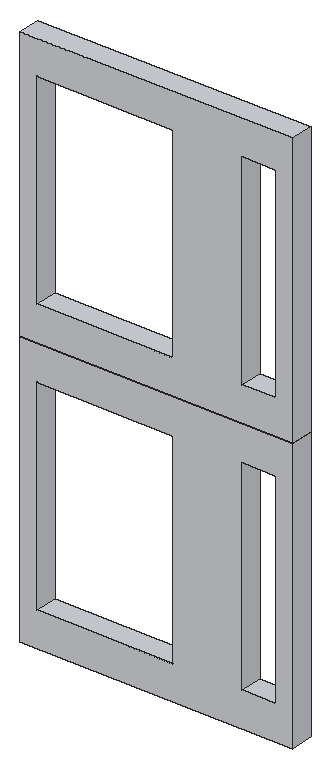
Revit family "Res_CP", category Curtain Panels, Revit 2017
Family settings
  OmniClass Number = 23.25.20.14.11.11.17
  OmniClass Title = Infill Panels
  Always vertical = Yes
  Cut with Voids When Loaded = No
  Shared = No
Parameters (values of type "AlignedRightFramed")
  Analytic Construction = "<None>"
  AlignRightUpper = yes
  AlignRightLower = yes
  AlignLeftUpper = no
  AlignLeftLower = no
Types (8): name | AlignRightUpper | AlignRightLower | AlignLeftUpper | AlignLeftLower
  SingleLeft | no | no | no | yes
  SingleRight | no | yes | no | no
  AlignedLeft | no | no | yes | yes
  AlignedRight | yes | yes | no | no
  AltLeftRight | no | yes | yes | no
  AltRightLeft | yes | no | no | yes
  AlignedLeftFramed | no | no | yes | yes
  AlignedRightFramed | yes | yes | no | no
Reference planes (in)
  plane 1 "Front": y = 0
  plane 2: z = 0
  plane 3 "Center (Left/Right)": x = 0
  plane 4 "Left": x = -32.75106
  plane 5 "Right": x = 32.75106
  plane 6 "Top": z = 192.5
  plane 7: z = 96.5
Text (in)
  text "Exterior" at (-54.29358, 31.38743, 0), in view "Ref. Level"
  text "Exterior" at (480, 41.53993, 89.60405), in view "Right"
  text "Exterior" at (-240, 57.82419, 105.78864), in view "Left"
Dimensions and locks (in)
  equal spacing: plane 4 "Left", plane 3 "Center (Left/Right)", plane 5 "Right"
  aligned and locked: level to plane 2
  aligned and locked: nested 1 to plane 1 "Front"
  aligned and locked: nested 1 to plane 3 "Center (Left/Right)"
  aligned and locked: nested 2 to plane 3 "Center (Left/Right)"
  aligned and locked: nested 2 to plane 1 "Front"
  aligned and locked: nested 4 to plane 7
  aligned and locked: nested 3 to plane 7
  aligned and locked: nested 2 to plane 2
  aligned and locked: nested 1 to plane 2
Nested families (in)
  nested 1: "Single_Align-Left" at (0, -8, 0) x (-1, 0, 0) z (0, 0, 1), visible <- "AlignLeftLower", type "Single_Align-Left"
  nested 2: "Single_Align-Right" at (0, -8, 0) x (-1, 0, 0) z (0, 0, 1), visible <- "AlignRightLower", type "Single_Align-Right"
  nested 3: "Single_Align-Right" at (0, -8, 96.5) x (-1, 0, 0) z (0, 0, 1), visible <- "AlignRightUpper", type "Single_Align-Right"
  nested 4: "Single_Align-Left" at (0, -8, 96.5) x (-1, 0, 0) z (0, 0, 1), visible <- "AlignLeftUpper", type "Single_Align-Left"
Definition of nested family "Single_Align-Left"
  Parameters (values of type "Single_Align-Left")
    Width [instance] = 8' - 0"
    Height [instance] = 8' - 0"
  Reference planes (in)
    plane 1 "Center (Front/Back)": y = 0
    plane 2: z = 0
    plane 3 "Center (Left/Right)": x = 0
    plane 4: z = 96
    plane 5: x = 48
    plane 6: x = -48
    plane 7: z = 12
    plane 8: z = 84
    plane 9: x = 42
    plane 10: x = -42
    plane 11: x = 6
    plane 12: x = 30
  Forms (in)
    Extrusion 1, solid
      sketch origin (0, 0, 0) x (1, 0, 0) y (0, 0, 1)
        loop
          line (-48, 96) -> (-48, 0) -> (48, 0) -> (48, 96) -> (-48, 96)
      from 0 to 8
    Extrusion 2, void
      sketch origin (0, 0, 0) x (1, 0, 0) y (0, 0, 1)
        loop
          line (30, 84) -> (30, 12) -> (42, 12) -> (42, 84) -> (30, 84)
      from -4 to 12
    Extrusion 3, void
      sketch origin (0, 0, 0) x (1, 0, 0) y (0, 0, 1)
        loop
          line (-42, 84) -> (-42, 12) -> (6, 12) -> (6, 84) -> (-42, 84)
      from -4 to 12
  Cuts and joins
    Extrusion 2, Extrusion 3 cuts Extrusion 1
  Dimensions and locks (in)
    equal spacing: plane 5, plane 3 "Center (Left/Right)", plane 6
    "Width": plane 5 to plane 6
    "Height": plane 4 to level
    locked: plane 7 to level at 12
    locked: plane 4 to plane 8 at 12
    plane 11 to plane 10 to plane 6 = 4' - 0", 0' - 6" locked
    plane 5 to plane 9 to plane 12 = 0' - 6" locked, 1' - 0"
    aligned and locked: plane 2 to level
    aligned and locked: Extrusion 1 sketch curve to plane 4
    aligned and locked: plane 6 to Extrusion 1 sketch curve
    aligned and locked: level to Extrusion 1 sketch curve
    aligned and locked: Extrusion 1 sketch curve to plane 5
    aligned and locked: Extrusion 2 sketch curve to plane 8
    aligned and locked: plane 12 to Extrusion 2 sketch curve
    aligned and locked: plane 7 to Extrusion 2 sketch curve
    aligned and locked: Extrusion 2 sketch curve to plane 9
    aligned and locked: Extrusion 3 sketch curve to plane 8
    aligned and locked: plane 10 to Extrusion 3 sketch curve
    aligned and locked: plane 7 to Extrusion 3 sketch curve
    aligned and locked: Extrusion 3 sketch curve to plane 11
Definition of nested family "Single_Align-Right"
  Reference planes (in)
    plane 1 "Center (Front/Back)": y = 0
    plane 2: z = 0
    plane 3 "Center (Left/Right)": x = 0
    plane 4: z = 96
    plane 5: x = 48
    plane 6: x = -48
    plane 7: z = 12
    plane 8: z = 84
    plane 9: x = 42
    plane 10: x = -42
    plane 11: x = -30
    plane 12: x = -6
  Forms (in)
    Extrusion 1, solid
      sketch origin (0, 0, 0) x (1, 0, 0) y (0, 0, 1)
        loop
          line (-48, 96) -> (-48, 0) -> (48, 0) -> (48, 96) -> (-48, 96)
      from 0 to 8
    Extrusion 2, void
      sketch origin (0, 0, 0) x (1, 0, 0) y (0, 0, 1)
        loop
          line (-6, 84) -> (-6, 12) -> (42, 12) -> (42, 84) -> (-6, 84)
      from -4 to 12
    Extrusion 3, void
      sketch origin (0, 0, 0) x (1, 0, 0) y (0, 0, 1)
        loop
          line (-42, 84) -> (-42, 12) -> (-30, 12) -> (-30, 84) -> (-42, 84)
      from -4 to 12
  Cuts and joins
    Extrusion 2, Extrusion 3 cuts Extrusion 1
  Dimensions and locks (in)
    equal spacing: plane 5, plane 3 "Center (Left/Right)", plane 6
    plane 5 to plane 6 = 8' - 0"
    plane 4 to level = 8' - 0"
    locked: plane 7 to level at 12
    locked: plane 4 to plane 8 at 12
    plane 11 to plane 10 to plane 6 = 1' - 0", 0' - 6" locked
    plane 5 to plane 9 to plane 12 = 0' - 6" locked, 4' - 0"
    aligned and locked: plane 2 to level
    aligned and locked: Extrusion 1 sketch curve to plane 4
    aligned and locked: plane 6 to Extrusion 1 sketch curve
    aligned and locked: level to Extrusion 1 sketch curve
    aligned and locked: Extrusion 1 sketch curve to plane 5
    aligned and locked: Extrusion 2 sketch curve to plane 8
    aligned and locked: plane 12 to Extrusion 2 sketch curve
    aligned and locked: plane 7 to Extrusion 2 sketch curve
    aligned and locked: Extrusion 2 sketch curve to plane 9
    aligned and locked: Extrusion 3 sketch curve to plane 8
    aligned and locked: plane 10 to Extrusion 3 sketch curve
    aligned and locked: plane 7 to Extrusion 3 sketch curve
    aligned and locked: Extrusion 3 sketch curve to plane 11
